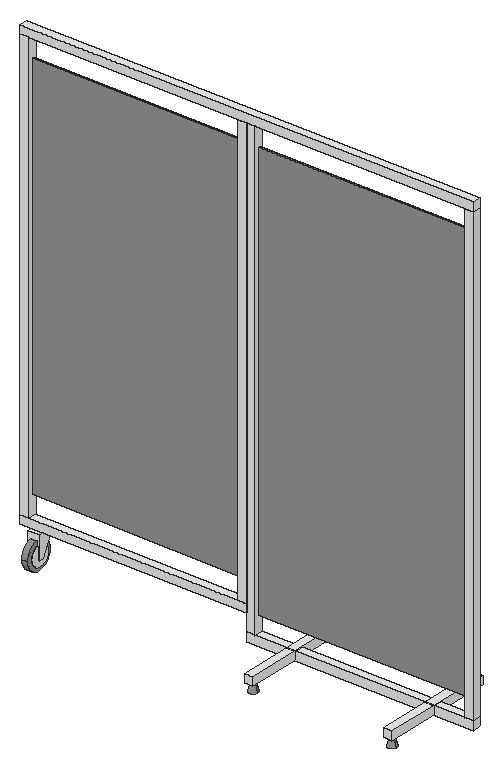
Revit family "Ширма двухсекционная", category Оборудование, Revit 2017
Family settings
  Размер круглого соединителя = Использовать диаметр
  Тип детали = Нормальный
  На основе рабочей плоскости = Нет
  Всегда вертикально = Да
  При загрузке вырезать с полостями = Нет
  Общий = Нет
  Точка расчета площади = Нет
Parameters (values of type "Тип")
  Общ_Ширина = 1600.0 mm
  Общ_Тип, марка = "ДМ-5-002-02"
  Общ_Примечание = ""
  Общ_Поставщик = "Доктор Мебель"
  Общ_Позиция = ""
  Общ_Наименование = "Ширма двухсекционная"
  Общ_Масса = ""
  Общ_Код продукции = ""
  Общ_Единицы измерения = "шт."
  Общ_Глубина = 400.0 mm
  Общ_Высота = 1700.0 mm
  Ножки = Пластмасса, непрозрачная, черная
  Материя = Полотно, белое
  Корпус = Алюминий 7075
  Keynote = ""
  Model = ""
Reference planes
  plane 1 "По центру (Вперед/Назад)": y = 0
  plane 2: z = 0
  plane 3 "По центру (Влево/Вправо)": x = 0
  plane 4: x = 800
  plane 5: x = -800
  plane 6: y = 200
  plane 7: y = -200
Forms (mm)
  Extrusion 1, solid, material "Алюминий 7075" <- "Корпус", detail levels fine
    sketch origin (0, 0, 0) x (1, 0, 0) y (0, 1, 0)
      loop
        line (0, -15) -> (800, -15) -> (800, 15) -> (0, 15) -> (0, -15)
    from 30 to 60
  Extrusion 2, solid, material "Алюминий 7075" <- "Корпус", detail levels fine
    sketch origin (0, 0, 0) x (1, 0, 0) y (0, 1, 0)
      loop
        line (140, -15) -> (140, -200) -> (170, -200) -> (170, 200) -> (140, 200) -> (140, -15)
      loop
        line (660, -15) -> (660, 200) -> (630, 200) -> (630, -200) -> (660, -200) -> (660, -15)
    from 30 to 60
  Blend 3, solid, material "Пластмасса, непрозрачная, черная" <- "Ножки", detail levels fine
    base sketch origin (0, 0, 0) x (1, 0, 0) y (0, 1, 0)
      loop
        circle (155, 180) r 15
    top sketch origin (0, 0, 0) x (1, 0, 0) y (0, 1, 0)
      loop
        circle (155, 180) r 7.5
    from 0 to 30
  Blend 4, solid, material "Пластмасса, непрозрачная, черная" <- "Ножки", detail levels fine
    base sketch origin (0, 0, 0) x (1, 0, 0) y (0, 1, 0)
      loop
        circle (155, -180) r 15
    top sketch origin (0, 0, 0) x (1, 0, 0) y (0, 1, 0)
      loop
        circle (155, -180) r 7.5
    from 0 to 30
  Blend 5, solid, material "Пластмасса, непрозрачная, черная" <- "Ножки", detail levels fine
    base sketch origin (800, 0, 0) x (-1, 0, 0) y (0, -1, 0)
      loop
        circle (155, -180) r 15
    top sketch origin (800, 0, 0) x (-1, 0, 0) y (0, -1, 0)
      loop
        circle (155, -180) r 7.5
    from 0 to 30
  Blend 6, solid, material "Пластмасса, непрозрачная, черная" <- "Ножки", detail levels fine
    base sketch origin (800, 0, 0) x (-1, 0, 0) y (0, -1, 0)
      loop
        circle (155, 180) r 15
    top sketch origin (800, 0, 0) x (-1, 0, 0) y (0, -1, 0)
      loop
        circle (155, 180) r 7.5
    from 0 to 30
  Extrusion 7, solid, material "Алюминий 7075" <- "Корпус", detail levels fine
    sketch origin (0, 0, 0) x (1, 0, 0) y (0, 1, 0)
      loop
        line (0, 15) -> (-800, 15) -> (-800, -15) -> (0, -15) -> (0, 15)
    from 120 to 150
  Extrusion 8, solid, material "Алюминий 7075" <- "Корпус", detail levels fine
    sketch origin (0, 0, 0) x (1, 0, 0) y (0, 1, 0)
      loop
        line (800, 15) -> (770, 15) -> (770, -15) -> (800, -15) -> (800, 15)
      loop
        line (30, 15) -> (0, 15) -> (0, -15) -> (30, -15) -> (30, 15)
    from 60 to 1670
  Extrusion 9, solid, material "Алюминий 7075" <- "Корпус", detail levels fine
    sketch origin (0, 0, 0) x (1, 0, 0) y (0, 1, 0)
      loop
        line (-800, 15) -> (-800, -15) -> (-770, -15) -> (-770, 15) -> (-800, 15)
      loop
        line (-30, 15) -> (-30, -15) -> (0, -15) -> (0, 15) -> (-30, 15)
    from 150 to 1670
  Extrusion 10, solid, material "Алюминий 7075" <- "Корпус", detail levels fine
    sketch origin (0, 0, 0) x (1, 0, 0) y (0, 1, 0)
      loop
        line (-800, 15) -> (-800, -15) -> (800, -15) -> (800, 15) -> (-800, 15)
    from 1700 to 1670
  Extrusion 11, solid, material "Полотно, белое" <- "Материя", detail levels fine
    sketch origin (0, 0, 0) x (1, 0, 0) y (0, 1, 0)
      loop
        line (30, 2.5) -> (30, -2.5) -> (770, -2.5) -> (770, 2.5) -> (30, 2.5)
    from 120 to 1600
  Extrusion 12, solid, material "Полотно, белое" <- "Материя", detail levels fine
    sketch origin (0, 0, 0) x (1, 0, 0) y (0, 1, 0)
      loop
        line (-770, 2.5) -> (-770, -2.5) -> (-30, -2.5) -> (-30, 2.5) -> (-770, 2.5)
    from 220 to 1600
Lines and regions (mm)
  symbolic lines, detail levels coarse+medium
    curve 1: line (-800, 15, 0) -> (800, 15, 0)
    curve 2: line (-800, -15, 0) -> (-800, 15, 0)
    curve 3: line (800, -15, 0) -> (-800, -15, 0)
    curve 4: line (800, 15, 0) -> (800, -15, 0)
    curve 5: line (140, 200, 0) -> (170, 200, 0)
    curve 6: line (140, -200, 0) -> (140, 200, 0)
    curve 7: line (170, -200, 0) -> (140, -200, 0)
    curve 8: line (170, 200, 0) -> (170, -200, 0)
    curve 9: line (630, 200, 0) -> (660, 200, 0)
    curve 10: line (630, -200, 0) -> (630, 200, 0)
    curve 11: line (660, -200, 0) -> (630, -200, 0)
    curve 12: line (660, 200, 0) -> (660, -200, 0)
Dimensions and locks
  aligned and locked: level to plane 2
Nested families
  nested 1: "Колесо для тележек Д10 с бампером h=140" at (-740, -20, 0) x (0, 1, 0) z (0, 0, 1), type "Колесо Д10 с бампером h=140", detail levels fine
    with GKS_TH_Примечание ЭМ "", GKS_TH_Примечание СпецВода "", GKS_TH_Примечание СС "", GKS_TH_Примечание ОВ "", GKS_TH_Примечание МГ "", GKS_TH_Примечание КР "", GKS_TH_Примечание ВК "", GKS_TH_Примечание АР ""
Definition of nested family "Колесо для тележек Д10 с бампером h=140"
  Parameters (values of type "Колесо Д10 с бампером h=140")
    Keynote = ""
    Model = "ТХ"  # constant formula
    GKS_TH_Цена_3 = 0
    GKS_TH_Цена_2 = 0
    GKS_TH_Цена_1 = 0
    GKS_TH_Примечание ЭМ [instance] = ""
    GKS_TH_Примечание СпецВода [instance] = ""
    GKS_TH_Примечание СС [instance] = ""
    GKS_TH_Примечание ОВ [instance] = ""
    GKS_TH_Примечание МГ [instance] = ""
    GKS_TH_Примечание КР [instance] = ""
    GKS_TH_Примечание ВК [instance] = ""
    GKS_TH_Примечание АР [instance] = ""
    GKS_TH_КодТСН = ""
    GKS_TH_Источник_3 = ""
    GKS_TH_Источник_2 = ""
    GKS_TH_Источник_1 = ""
    GKS_Mep_Примечание = ""
    GKS_Mep_Обозначение = ""
    GKS_Mep_Наименование = "Колесо Д10 с бампером h=140"
    GKS_Mep_Масса = ""
    GKS_Mep_Код оборудования = ""
    GKS_Mep_Завод = ""
    GKS_Mep_Единицы = "шт."
  Types (2, lengths in mm): name | GKS_Mep_Наименование
    Колесо Д10 с бампером h=140 | "Колесо Д10 с бампером h=140"
    ИЗМЕНИТЬ!!!!! | ""
  Reference planes
    plane 1 "По центру (Вперед/Назад)": y = 0
    plane 2: z = 0
    plane 3 "По центру (Влево/Вправо)": x = 0
    plane 4: z = 120
    plane 5: z = 50
  Forms (mm)
    Extrusion 1, solid, detail levels fine
      sketch origin (0, 0, 0) x (1, 0, 0) y (0, 0, 1)
        loop
          circle (0, 50) r 50
      from -10 to 10
    Extrusion 2, solid, detail levels fine
      sketch origin (0, 0, 0) x (1, 0, 0) y (0, 0, 1)
        loop
          circle (0, 50) r 35
      from -15 to 15
    Extrusion 3, solid, detail levels fine
      sketch origin (0, 0, 0) x (1, 0, 0) y (0, 0, 1)
        loop
          line (-10, 120) -> (-10, 40) -> (4.905, 40) -> (45.667, 120) -> (-10, 120)
      from -20 to 20
  Lines and regions (mm)
    symbolic lines, detail levels coarse+medium
      curve 1: line (15, 10, 0) -> (15, -10, 0)
      curve 2: line (4.905, 0, 0) -> (24.905, 0, 0)
  Dimensions and locks
    aligned and locked: level to plane 2
